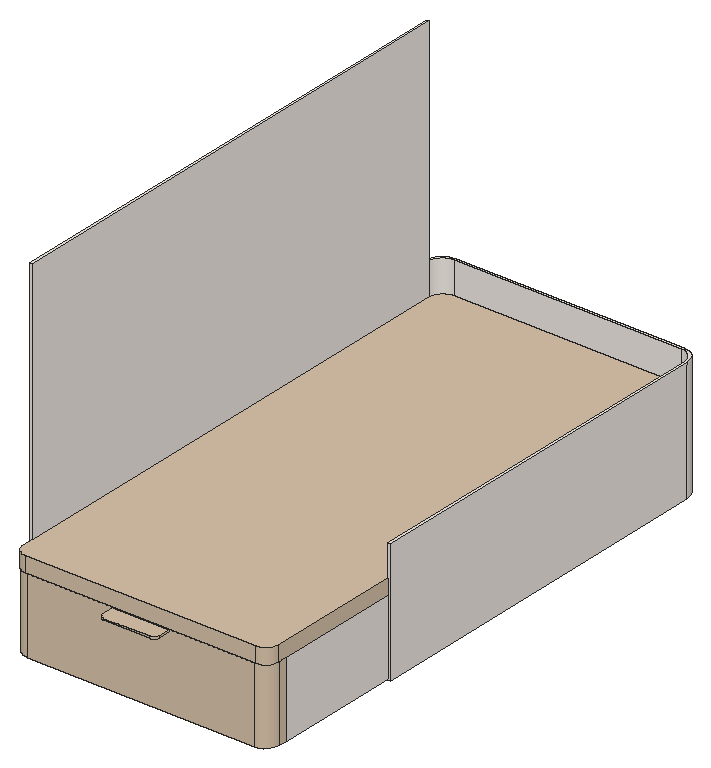
Revit family "Haworth_ActiveComponents_Screen_PersonalDividerDrawer", category Furniture Systems, Revit 2018
Family settings
  Round Connector Dimension = Use Diameter
  Part Type = Normal
  OmniClass Number = 23.40.70.14.64.21
  OmniClass Title = Systems Furniture
  Work Plane-Based = No
  Always vertical = Yes
  Cut with Voids When Loaded = No
  Shared = No
  Room Calculation Point = No
Parameters (values of type "12h 19d 9w")
  Warranty = "http://www.haworth.com/resources/product-info/warranties"
  URL - Product = "http://www.haworth.com/products/workspaces/accessories/active-components"
  URL = "https://www.haworth.com/na/en.html"
  Type Comments = ""
  Top Height = 2"  # constant formula
  Sustainability Info = "https://www.haworth.com/na/en/expertise/sustainability.html"
  Size = "Verify Final Dim. w/ Haworth"  # constant formula
  Shelf Height = 1/2"  # constant formula
  Shelf Finish [instance] = Haworth _ Wood _ White Oak
  Revision Number = "1"  # constant formula
  Panel Thickness = 1/16"  # constant formula
  Mounted Height = 27 3/4"  # constant formula
  Model = "AUF1-1319"
  Manufacturer = "Haworth"  # constant formula
  Drawer Height = 3"  # constant formula
  Drawer Finish [instance] = Haworth _ Wood _ White Oak
  Description = "Haworth Active Components Screen Personal Divider"
  Case Finish [instance] = Haworth _ Paint _ Plaster
  Author = "Haworth (Bentzen)"  # constant formula
  Assembly Code = "E2020200"
  Actual Width = 9 5/16"  # constant formula
  Actual Height = 20"  # constant formula
  Actual Depth = 17"  # constant formula
Reference planes (in)
  plane 1: z = 0
  plane 2 "Bottom of Cabinet": z = 0
  plane 3: y = -53.11591
  plane 4: x = -43.99791
  plane 5: x = -48.65066
  plane 6: x = -39.34516
  plane 7: y = -43.71591
  plane 8: y = -62.80591
  plane 9: y = -53.11591
Forms (in)
  Extrusion 1, solid, material "Haworth _ Paint _ Plaster" <- "Case Finish"
    sketch origin (-22.20659, -70.21442, 0) x (1, 0, 0) y (0, 1, 0)
      loop
        line (-26.35407, 8.2885) -> (-26.35407, 25.9085) -> (-26.44407, 25.9085) -> (-26.44407, 8.2885) -> (-26.35407, 8.2885)
    from 29.087 to 41.087
  Extrusion 2, solid, material "Haworth _ Paint _ Plaster" <- "Case Finish"
    sketch origin (-44.15441, -41.85431, 0) x (1, 0, 0) y (0, 1, 0)
      loop
        arc (-3.90625, -1.8616) -> (-4.32344, -2.03441) -> (-4.49625, -2.4516) r 0.59
        line (-4.49625, -2.4516) -> (-4.40625, -2.4516)
        arc (-4.40625, -2.4516) -> (-4.24694, -2.09688) -> (-3.88625, -1.9516) r 0.5204
        line (-3.88625, -1.9516) -> (4.19875, -1.9516)
        arc (4.19875, -1.9516) -> (4.55944, -2.09688) -> (4.71875, -2.4516) r 0.5204
        line (4.71875, -2.4516) -> (4.71875, -15.6616) -> (4.80875, -15.6616) -> (4.80875, -2.4516)
        arc (4.80875, -2.4516) -> (4.63594, -2.03441) -> (4.21875, -1.8616) r 0.59
        line (4.21875, -1.8616) -> (-3.90625, -1.8616)
    from 33.43 to 29.087
  Extrusion 3, solid, material "Haworth _ Paint _ Plaster" <- "Case Finish"
    sketch origin (-44.11191, -44.05591, 0) x (1, 0, 0) y (0, 1, 0)
      loop
        line (-4.42875, -18) -> (-4.36575, -18) -> (-4.36575, -0.25)
        arc (-4.36575, -0.25) -> (-4.23761, 0.05936) -> (-3.92825, 0.1875) r 0.4375
        line (-3.92825, 0.1875) -> (4.15625, 0.1875)
        arc (4.15625, 0.1875) -> (4.46561, 0.05936) -> (4.59375, -0.25) r 0.4375
        line (4.59375, -0.25) -> (4.59375, -18) -> (4.65625, -18) -> (4.65625, -0.25)
        arc (4.65625, -0.25) -> (4.5098, 0.10355) -> (4.15625, 0.25) r 0.5
        line (4.15625, 0.25) -> (-3.92875, 0.25)
        arc (-3.92875, 0.25) -> (-4.2823, 0.10355) -> (-4.42875, -0.25) r 0.5
        line (-4.42875, -0.25) -> (-4.42875, -18)
    from 29.087 to 31.768
  Extrusion 4, solid, material "Haworth _ Wood _ White Oak" <- "Drawer Finish"
    sketch origin (-44.11191, -44.05591, 0) x (1, 0, 0) y (0, 1, 0)
      loop
        line (-3.92875, -18.75) -> (4.15675, -18.75)
        arc (4.15675, -18.75) -> (4.5103, -18.60355) -> (4.65675, -18.25) r 0.5
        line (4.65675, -18.25) -> (4.65675, -18) -> (4.59425, -18) -> (4.59425, -18.25)
        arc (4.59425, -18.25) -> (4.46611, -18.55936) -> (4.15675, -18.6875) r 0.4375
        line (4.15675, -18.6875) -> (-3.92875, -18.6875)
        arc (-3.92875, -18.6875) -> (-4.23811, -18.55936) -> (-4.36625, -18.25) r 0.4375
        line (-4.36625, -18.25) -> (-4.36625, -18) -> (-4.42875, -18) -> (-4.42875, -18.25)
        arc (-4.42875, -18.25) -> (-4.2823, -18.60355) -> (-3.92875, -18.75) r 0.5
    from 29.087 to 31.768
  Extrusion 5, solid, material "Haworth _ Paint _ Plaster" <- "Case Finish"
    sketch origin (-44.11191, -44.05591, 0) x (1, 0, 0) y (0, 1, 0)
      loop
        arc (-3.92825, 0.1875) -> (-4.23761, 0.05936) -> (-4.36575, -0.25) r 0.4375
        line (-4.36575, -0.25) -> (-4.36575, -18.1875)
        arc (-4.36575, -18.1875) -> (-4.23761, -18.49686) -> (-3.92825, -18.625) r 0.4375
        line (-3.92825, -18.625) -> (4.15625, -18.625)
        arc (4.15625, -18.625) -> (4.46561, -18.49686) -> (4.59375, -18.1875) r 0.4375
        line (4.59375, -18.1875) -> (4.59375, -0.25)
        arc (4.59375, -0.25) -> (4.46561, 0.05936) -> (4.15625, 0.1875) r 0.4375
        line (4.15625, 0.1875) -> (-3.92825, 0.1875)
    from 29.087 to 29.245
  Extrusion 6, solid, material "Haworth _ Wood _ White Oak" <- "Drawer Finish"
    sketch origin (-41.0417, -60.99341, 0) x (1, 0, 0) y (0, 1, 0)
      loop
        line (-3.95646, -1.8125) -> (-3.95646, -2.2495)
        arc (-3.95646, -2.2495) -> (-3.90139, -2.38244) -> (-3.76846, -2.4375) r 0.188
        line (-3.76846, -2.4375) -> (-2.14396, -2.4375)
        arc (-2.14396, -2.4375) -> (-2.01102, -2.38244) -> (-1.95596, -2.2495) r 0.188
        line (-1.95596, -2.2495) -> (-1.95596, -1.8125) -> (-3.95646, -1.8125)
    from 31.68203 to 31.745
  Extrusion 7, solid, material "Haworth _ Wood _ White Oak" <- "Shelf Finish"
    sketch origin (-44.04891, -43.86841, 0) x (1, 0, 0) y (0, 1, 0)
      loop
        arc (-4.05425, 0.0625) -> (-4.36361, -0.06564) -> (-4.49175, -0.375) r 0.4375
        line (-4.49175, -0.375) -> (-4.49175, -18.5)
        arc (-4.49175, -18.5) -> (-4.36361, -18.80936) -> (-4.05425, -18.9375) r 0.4375
        line (-4.05425, -18.9375) -> (4.15625, -18.9375)
        arc (4.15625, -18.9375) -> (4.46561, -18.80936) -> (4.59375, -18.5) r 0.4375
        line (4.59375, -18.5) -> (4.59375, -0.375)
        arc (4.59375, -0.375) -> (4.46561, -0.06564) -> (4.15625, 0.0625) r 0.4375
        line (4.15625, 0.0625) -> (-4.05425, 0.0625)
    from 31.768 to 32.307
Lines and regions (in)
  Masking region 1
    outline origin (0, 0, 0) x (1, 0, 0) y (0, 1, 0)
      loop
        arc (-48.06066, -43.71591) -> (-48.47785, -43.88872) -> (-48.65066, -44.30591) r 0.59
        line (-48.65066, -44.30591) -> (-48.65066, -62.21591)
        arc (-48.65066, -62.21591) -> (-48.47785, -62.63311) -> (-48.06066, -62.80591) r 0.59
        line (-48.06066, -62.80591) -> (-39.93566, -62.80591)
        arc (-39.93566, -62.80591) -> (-39.51847, -62.63311) -> (-39.34566, -62.21591) r 0.59
        line (-39.34566, -62.21591) -> (-39.34566, -44.30591)
        arc (-39.34566, -44.30591) -> (-39.51847, -43.88872) -> (-39.93566, -43.71591) r 0.59
        line (-39.93566, -43.71591) -> (-48.06066, -43.71591)
  symbolic lines, style "FurnitureSystemsHiddenLines"
    curve 1: line (-44.81016, -63.43091, 0) -> (-43.18566, -63.43091, 0)
  symbolic lines, style "FurnitureSystems", detail levels fine
    curve 2: line (-48.47766, -44.30591, 0) -> (-48.47766, -61.9429, 0)
Dimensions and locks (in)
  aligned and locked: level to plane 1
  aligned and locked: plane 2 "Bottom of Cabinet" to level
